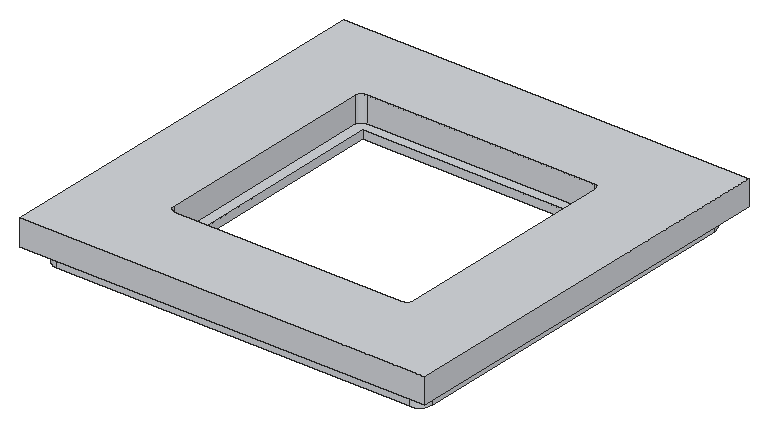
Revit family "Gira_0211126", category Electrical Fixtures, host Face, Revit 2017
Family settings
  Host = Face
  Maintain Annotation Orientation = No
  Round Connector Dimension = Use Diameter
  Part Type = Normal
  Cut with Voids When Loaded = No
  Shared = No
  Room Calculation Point = No
Parameters (values of type "Cov.fr. 1-g Gira Esprit alum.black")
  With mounting grid = "No"
  With hinged lid = "No"
  URL = "http://katalog.gira.de/en/datenblatt.html?artikelnr=0211126"
  Type of fastening = "Clamp mounting"
  Transparent = "No"
  Surface protection = "Other"
  Suitable for wall duct = "No"
  Suitable for flush-mounted installation = "Yes"
  Suitable for floor box = "No"
  Suitable for built-in installation = "No"
  Number of units vertical = "1"
  Number of units horizontal = "1"
  Number of units = "1"
  Name = "Cov.fr. 1-g Gira Esprit alum.black"
  Mounting direction = "Horizontal and vertical"
  Material quality = "Aluminium"
  Material = "Metal"
  Manufacturer URL = "https://www.gira.de/"
  Manufacturer = "Gira"
  Label space/information surface = "No"
  Keynote = ""
  HeinzeBIM = "https://bimportal.heinze.de/bim/cov-fr-1-g-gira-esprit-alum-black/c77543a901fb8c2add196253591d0313a1ab8cd4"
  Halogen free = "No"
  HAN = "0211126"
  GTIN = "4010337109013"
  Description = "Cov.fr.1g Espr. AlBk,Gira Esprit cover frame,aluminium black,1-gang,Features:,- Anodised aluminium E 1. Colour deviations are possible."
  Degree of protection (IP) = "IP20"
  Default Elevation = 1219.2 mm
  Data sheet (1) = "https://katalog.gira.de/en/download.html?artikelnr=0211126"
  Colour = "Black"
  Category = "Cover frame for domestic switching devices"
  BIM (1) = "https://media.stage.bim.site/public/gira/36a6b08/Espr._Rahmen_1fach.rfa"
  Available = "No"
Reference planes
  plane 1 "Center (Front/Back)": y = 0
  plane 2: z = 0
  plane 3 "Center (Left/Right)": x = 0
Forms (mm)
  Extrusion 1, solid, detail levels fine
    sketch origin (0, 0, 0) x (1, 0, 0) y (0, 1, 0)
      loop
        line (-47.5, 47.5) -> (-47.5, -47.5) -> (47.5, -47.5) -> (47.5, 47.5) -> (-47.5, 47.5)
      loop
        arc (-28.2, -26.7) -> (-27.761, -27.761) -> (-26.7, -28.2) r 1.5
        line (-26.7, -28.2) -> (26.7, -28.2)
        arc (26.7, -28.2) -> (27.761, -27.761) -> (28.2, -26.7) r 1.5
        line (28.2, -26.7) -> (28.2, 26.7)
        arc (28.2, 26.7) -> (27.761, 27.761) -> (26.7, 28.2) r 1.5
        line (26.7, 28.2) -> (-26.7, 28.2)
        arc (-26.7, 28.2) -> (-27.761, 27.761) -> (-28.2, 26.7) r 1.5
        line (-28.2, 26.7) -> (-28.2, -26.7)
    from 0 to 6
  Extrusion 2, solid, detail levels fine
    sketch origin (0, 0, 0) x (1, 0, 0) y (0, 1, 0)
      loop
        line (-25.7, -25.7) -> (25.7, -25.7) -> (25.7, 25.7) -> (-25.7, 25.7) -> (-25.7, -25.7)
      loop
        arc (-43.1, -41.3) -> (-42.573, -42.573) -> (-41.3, -43.1) r 1.8
        line (-41.3, -43.1) -> (41.3, -43.1)
        arc (41.3, -43.1) -> (42.573, -42.573) -> (43.1, -41.3) r 1.8
        line (43.1, -41.3) -> (43.1, 41.3)
        arc (43.1, 41.3) -> (42.573, 42.573) -> (41.3, 43.1) r 1.8
        line (41.3, 43.1) -> (-41.3, 43.1)
        arc (-41.3, 43.1) -> (-42.573, 42.573) -> (-43.1, 41.3) r 1.8
        line (-43.1, 41.3) -> (-43.1, -41.3)
    from -1.9 to 0
  Extrusion 3, solid, detail levels fine
    sketch origin (0, 0, 0) x (1, 0, 0) y (0, 1, 0)
      loop
        arc (-41.4, 44.4) -> (-43.521, 43.521) -> (-44.4, 41.4) r 3
        line (-44.4, 41.4) -> (-44.4, -41.4)
        arc (-44.4, -41.4) -> (-43.521, -43.521) -> (-41.4, -44.4) r 3
        line (-41.4, -44.4) -> (41.4, -44.4)
        arc (41.4, -44.4) -> (43.521, -43.521) -> (44.4, -41.4) r 3
        line (44.4, -41.4) -> (44.4, 41.4)
        arc (44.4, 41.4) -> (43.521, 43.521) -> (41.4, 44.4) r 3
        line (41.4, 44.4) -> (-41.4, 44.4)
      loop
        line (-43.1, 41.3) -> (-43.1, -41.3)
        arc (-43.1, -41.3) -> (-42.573, -42.573) -> (-41.3, -43.1) r 1.8
        line (-41.3, -43.1) -> (41.3, -43.1)
        arc (41.3, -43.1) -> (42.573, -42.573) -> (43.1, -41.3) r 1.8
        line (43.1, -41.3) -> (43.1, 41.3)
        arc (43.1, 41.3) -> (42.573, 42.573) -> (41.3, 43.1) r 1.8
        line (41.3, 43.1) -> (-41.3, 43.1)
        arc (-41.3, 43.1) -> (-42.573, 42.573) -> (-43.1, 41.3) r 1.8
    from -3.7 to 0
  Extrusion 4, solid, detail levels medium
    sketch origin (0, 0, 0) x (1, 0, 0) y (0, 1, 0)
      loop
        line (-47.5, 47.5) -> (-47.5, -47.5) -> (47.5, -47.5) -> (47.5, 47.5) -> (-47.5, 47.5)
    from 0 to 6
  Extrusion 5, solid, detail levels medium
    sketch origin (0, 0, 0) x (1, 0, 0) y (0, 1, 0)
      loop
        line (-44.4, 44.4) -> (-44.4, -44.4) -> (44.4, -44.4) -> (44.4, 44.4) -> (-44.4, 44.4)
    from -3.7 to 0
  Extrusion 6, solid, detail levels coarse
    sketch origin (0, 0, 0) x (1, 0, 0) y (0, 1, 0)
      loop
        line (-47.5, 47.5) -> (-47.5, -47.5) -> (47.5, -47.5) -> (47.5, 47.5) -> (-47.5, 47.5)
    from -3.7 to 6
Dimensions and locks
  aligned and locked: plane 2 to host face
  aligned and locked: level to host face
